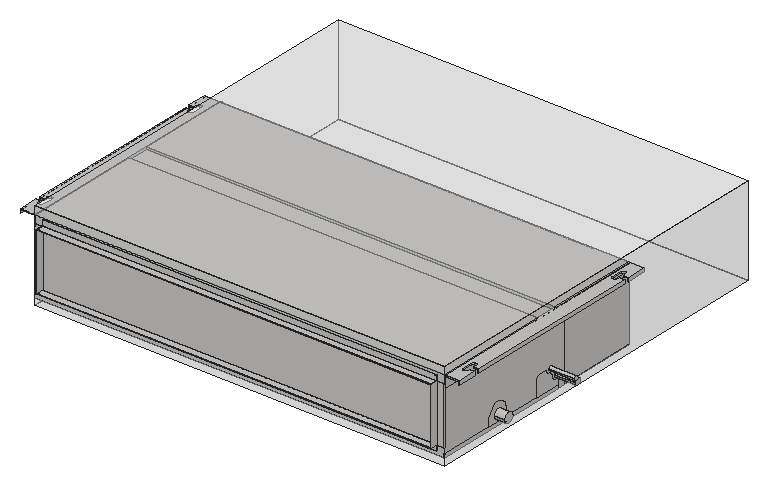
Revit family "outputfile", category 機械設備, Revit 2024
Family settings
  丸型コネクタ寸法 = 半径を使用
  パーツ タイプ = 標準
  OmniClass 番号 = 23.75.10.24.21.27.27
  OmniClass タイトル = Split System Air Conditioning Units
  作業面ベース = いいえ
  常に垂直 = はい
  ロード時にボイドで切り取り = いいえ
  注釈の向きを維持 = いいえ
  共有 = いいえ
  部屋計算ポイント = はい
Parameters (values of type "FDLF71DV14")
  Description = ""
  書き出し IFC クラス(タイプ) = "IfcUnitaryEquipmentType"
  定義済み IFC タイプ(タイプ) = "AIRCONDITIONINGUNIT"
  Cost = 0
  Type Comments = ""
  Keynote = ""
  Type Image = (empty or 0)
  Assembly Code = ""
  switch_frequency = yes
  ld_powersupply = Depth / 2  # 310 mm
  connector_voltage = Voltage_50Hz  # 230 V
  connector_powerinput = [Power Input (Cooling)]  # 0.000 kW
  connector_phase = Phase_50Hz  # 1
  angle_liquidpipe [instance] = if(Right Connection_refrigerant, 90.00°, 270.00°)  # 90.00°
  angle_gaspipe [instance] = if(Right Connection_refrigerant, 90.00°, 270.00°)  # 90.00°
  angle_drainpipe [instance] = if(Right Connection_refrigerant, 90.00°, 270.00°)  # 90.00°
  URL = ""
  Right Connection_refrigerant [instance] = yes
  製造元 = "Daikin"
  モデル = "FDLF71DV14"
  r_Liquid Pipe Size = Liquid Pipe Size / 2  # 4.75 mm
  r_Gas Pipe Size = Gas Pipe Size / 2  # 7.95 mm
  r_Drain Pipe Size = Drain Pipe Size / 2  # 12.5 mm
  lw_powersupply = 50 mm  # constant formula
  lw_ductflange2 = 1003 mm
  lw_Width = 1060 mm
  lh_suctionflange [instance] = 100 mm  # constant formula
  ld_suctionflange [instance] = if(Rear Connection_Return Air, 190.25 mm, 100.25 mm)  # 190.25 mm
  angle_vertical_RA [instance] = if(Rear Connection_Return Air, 90.00°, 0.00°)  # 90.00°
  angle horizontal_RA [instance] = if(Rear Connection_Return Air, 180.00°, 270.00°)  # 180.00°
  Voltage_comment_50Hz = "220 - 240"
  Voltage_50Hz = 230 V
  Supply Air Direction [instance] = yes
  Sound Power Level_H speed (dB) = 0
  Rear Connection_Return Air [instance] = not(Bottom Connection_Return Air)  # yes
  RA_length [instance] = if(Rear Connection_Return Air, 190.25 mm, 100 mm)  # 190.25 mm
  Phase_50Hz = 1
  Minimum External Static Pressure = 15.00 Pa
  Minimum Circuit Amps_50Hz = 0.0 A
  Maximum Fuse Amps_50Hz = 0.0 A
  Maximum External Static Pressure = 38.00 Pa
  Material_Casing = DAIKIN_GalvanizedSteel_Casing_indoorunit
  lw_liquidpipe = 621 mm
  lw_gaspipe = 608 mm
  lw_mountinghole = 1140 mm
  lw_drainpipe = 580 mm
  lh_powersupply = 150 mm  # constant formula
  lh_liquidpipe = 138 mm  # constant formula
  lh_gaspipe = 160 mm  # constant formula
  lh_mountinghole = Height  # 200 mm
  lh_drainpipe = 170 mm  # constant formula
  lh_antena = 1 mm  # constant formula
  ld_liquidpipe = 353 mm  # constant formula
  ld_gaspipe = 375 mm  # constant formula
  ld_mountinghole = 500 mm  # constant formula
  ld_drainpipe = 178 mm  # constant formula
  ld_controlbox = 626 mm  # constant formula
  h*** = 0 mm  # constant formula
  d_dischargeflange = 21.2 mm  # constant formula
  Width = 1100 mm
  Version = "ver.1.0"
  Unit Type = "L.S.P. Duct for Living room"
  Unit Mass Weight = 31.00 kg
  Unit Designation [instance] = ""
  Uniclass2015Version = "Products v1.30"
  Uniclass2015Title = "Split coil room air conditioning units"
  Uniclass2015Code = "Pr_70_65_03_86"
  Total Cooling Capacity [instance] = 0.000 kW
  Sound Pressure Level_M speed (dBA) = 37
  Sound Pressure Level_L speed (dBA) = 34
  Sound Pressure Level_H speed (dBA) = 40
  Series = "SkyAir_Fan Coil Unit"
  Sensible Cooling Capacity [instance] = 0.000 kW
  SA Duct Size Width = 1060 mm
  SA Duct Size Height = 153 mm
  Refrigerant Type = "R32"
  RA Duct Size Width = 961 mm
  RA Duct Size Height = 160 mm
  Power Input (Cooling) = 0.000 kW
  Option Accessory 3 [instance] = ""
  Option Accessory 2 [instance] = ""
  Option Accessory 1 [instance] = ""
  Nominal Cooling Capacity = 7.100 kW
  Minimum Airflow = 990.00 m³/h
  Median Airflow = 1080.00 m³/h
  Maximum Airflow = 1200.00 m³/h
  Load Classification = HVAC
  Liquid Pipe Size = 9.5 mm
  Link_Nested Family [instance] = ""
  Left Connection_refrigerant [instance] = not(Right Connection_refrigerant)  # no
  IfcVersion = ""
  IfcExportType = "AIRCONDITIONINGUNIT"
  IfcExportAs = "IfcUnitaryEquipmentType"
  Height = 200 mm
  Heat Exchanger Type = "Cross Fin Coil"
  Gas Pipe Size = 15.9 mm
  Frequency_50Hz = 50 Hz
  Fan Type = "Sirocco Fan"
  Fan Drive = "Direct Drive"
  FCU Tag No. [instance] = ""
  Drain Pipe Size = 25.0 mm
  Design Supply Airflow [instance] = 0.00 m³/h
  Design Return Airflow [instance] = 0.00 m³/h
  Design External Static Pressure [instance] = 0.00 Pa
  Depth = 620 mm
  既定の高さ = 0 mm
  Cooling Entering Wet Bulb Temperature [instance] = 0.00 °C
  Cooling Entering Dry Bulb Temperature [instance] = 0.00 °C
  Cooling Ambient Wet Bulb Temperature [instance] = 0.00 °C
  Cooling Ambient Dry Bulb Temperature [instance] = 0.00 °C
  Clearance visibility [instance] = yes
  Clearance Top = 20 mm
  Clearance Right = 0 mm
  Clearance Rear = 400 mm
  Clearance Left = 0 mm
  Clearance Front = 0 mm
  Clearance Bottom = 20 mm
  Bottom Connection_Return Air [instance] = no
Reference planes
  plane 1 "Center (Front/Back)": y = 0
  plane 2: z = 0
  plane 3 "Center (Left/Right)": x = 0
  plane 4 "Back": y = 310
  plane 5 "Front": y = -310
  plane 6 "Left": x = -550
  plane 7 "Right": x = 550
  plane 8 "Top": z = 0
  plane 9 "Bottom": z = -200
  plane 10: x = -570
  plane 11: x = 570
  plane 12: y = 250
  plane 13: z = 0
  plane 14 "Clearance Left": x = -550
  plane 15 "Clearance Right": x = 550
  plane 16 "Clearance Rear": y = 710
  plane 17 "Clearance Front": y = -310
  plane 18 "Clearance Top": z = 20
  plane 19 "Clearance Bottom": z = -220
  plane 20: y = -250
  plane 21: z = -21
  plane 22: z = -97.5
  plane 23: x = -48.5
  plane 24: y = 119.75
  plane 25: z = -100
  plane 26: y = 65
  plane 27: z = -160
  plane 28: y = 43
  plane 29: z = -138
  plane 30: y = -132
  plane 31: z = -170
  plane 32: x = 608
  plane 33: x = 621
  plane 34: x = 580
  plane 35: x = 500
  plane 36: z = -150
  plane 37: x = -580
  plane 38: x = -621
  plane 39: x = -608
Forms (mm)
  Extrusion 1, solid, material "DAIKIN_GalvanizedSteel_Casing_indoorunit" <- "Material_Casing"
    sketch origin (0, 0, 0) x (1, 0, 0) y (0, 1, 0)
      loop
        line (-550, -310) -> (550, -310) -> (550, 310) -> (-550, 310) -> (-550, -310)
    from -200 to 0
  Extrusion 2, void
    sketch origin (0, 0, 1) x (1, 0, 0) y (0, 1, 0)
      loop
        line (-550, 61.5) -> (-550, 3.5) -> (550, 3.5) -> (550, 61.5) -> (-550, 61.5)
    from -1 to -7
  Extrusion 3, solid, material "DAIKIN_GalvanizedSteel_Casing_indoorunit" <- "Material_Casing", visible <- "Bottom Connection_Return Air"
    sketch origin (0, 0, 0) x (1, 0, 0) y (0, 0, 1)
      loop
        line (452, -199.25) -> (452, -0.75) -> (-549, -0.75) -> (-549, -199.25) -> (452, -199.25)
    from -310 to -309
  Extrusion 4, solid, material "DAIKIN_GalvanizedSteel_Casing_indoorunit" <- "Material_Casing", visible <- "Rear Connection_Return Air"
    sketch origin (0, 0, 0) x (1, 0, 0) y (0, 1, 0)
      loop
        line (-549, 309) -> (-549, 110.5) -> (452, 110.5) -> (452, 309) -> (-549, 309)
    from -200 to -199
  Extrusion 5, solid, material "DAIKIN_GalvanizedSteel_Casing_indoorunit" <- "Material_Casing", visible <- "Right Connection_refrigerant"
    sketch origin (550, 0, 0) x (0, 1, 0) y (0, 0, 1)
      loop
        circle (65, -160) r 7.95
    from 0 to 58
  Extrusion 6, solid, material "DAIKIN_GalvanizedSteel_Casing_indoorunit" <- "Material_Casing", visible <- "Right Connection_refrigerant"
    sketch origin (550, 0, 0) x (0, 1, 0) y (0, 0, 1)
      loop
        circle (43, -138) r 4.75
    from 0 to 71
  Extrusion 7, solid, material "DAIKIN_GalvanizedSteel_Casing_indoorunit" <- "Material_Casing", visible <- "Right Connection_refrigerant"
    sketch origin (550, 0, 0) x (0, 1, 0) y (0, 0, 1)
      loop
        line (-310, -200) -> (70, -200) -> (70, -190) -> (-310, -190) -> (-310, -200)
    from 0 to -1
  Extrusion 8, solid, material "DAIKIN_GalvanizedSteel_Casing_indoorunit" <- "Material_Casing", visible <- "Right Connection_refrigerant"
    sketch origin (550, 0, 0) x (0, 1, 0) y (0, 0, 1)
      loop
        arc (96, -27.5) -> (93.879, -28.379) -> (93, -30.5) r 3
        line (93, -30.5) -> (93, -194.5)
        arc (93, -194.5) -> (93.879, -196.621) -> (96, -197.5) r 3
        line (96, -197.5) -> (310, -197.5) -> (310, -27.5) -> (96, -27.5)
    from 0 to -1
  Extrusion 9, solid, material "DAIKIN_GalvanizedSteel_Casing_indoorunit" <- "Material_Casing", visible <- "Right Connection_refrigerant"
    sketch origin (550, 0, 0) x (0, 1, 0) y (0, 0, 1)
      loop
        arc (-104, -170) -> (-132, -142) -> (-160, -170) r 28
        line (-160, -170) -> (-160, -190) -> (-104, -190) -> (-104, -170)
    from 0 to -1
  Extrusion 10, solid, material "DAIKIN_GalvanizedSteel_Casing_indoorunit" <- "Material_Casing", visible <- "Right Connection_refrigerant"
    sketch origin (550, 0, 0) x (0, 1, 0) y (0, 0, 1)
      loop
        line (70, -190) -> (70, -174.671)
        arc (70, -174.671) -> (54.678, -171.563) -> (49.857, -156.691) r 15.5
        line (49.857, -156.691) -> (43.472, -150.991)
        arc (43.472, -150.991) -> (34.343, -147.698) -> (30.039, -139) r 13
        line (30.039, -139) -> (2, -139)
        arc (2, -139) -> (-0.121, -139.879) -> (-1, -142) r 3
        line (-1, -142) -> (-1, -190) -> (70, -190)
    from 0 to -1
  Extrusion 11, solid, material "DAIKIN_GalvanizedSteel_Casing_indoorunit" <- "Material_Casing", visible <- "Left Connection_refrigerant"
    sketch origin (-550, 0, 0) x (0, 1, 0) y (0, 0, 1)
      loop
        line (-310, -200) -> (70, -200) -> (70, -190) -> (-310, -190) -> (-310, -200)
    from 0 to -1
  Extrusion 12, solid, material "DAIKIN_GalvanizedSteel_Casing_indoorunit" <- "Material_Casing", visible <- "Left Connection_refrigerant"
    sketch origin (-550, 0, 0) x (0, 1, 0) y (0, 0, 1)
      loop
        arc (96, -27.5) -> (93.879, -28.379) -> (93, -30.5) r 3
        line (93, -30.5) -> (93, -194.5)
        arc (93, -194.5) -> (93.879, -196.621) -> (96, -197.5) r 3
        line (96, -197.5) -> (310, -197.5) -> (310, -27.5) -> (96, -27.5)
    from 0 to -1
  Extrusion 13, solid, material "DAIKIN_GalvanizedSteel_Casing_indoorunit" <- "Material_Casing", visible <- "Left Connection_refrigerant"
    sketch origin (-550, 0, 0) x (0, 1, 0) y (0, 0, 1)
      loop
        arc (-104, -170) -> (-132, -142) -> (-160, -170) r 28
        line (-160, -170) -> (-160, -190) -> (-104, -190) -> (-104, -170)
    from 0 to -1
  Extrusion 14, solid, material "DAIKIN_GalvanizedSteel_Casing_indoorunit" <- "Material_Casing", visible <- "Left Connection_refrigerant"
    sketch origin (-550, 0, 0) x (0, 1, 0) y (0, 0, 1)
      loop
        line (70, -190) -> (70, -174.671)
        arc (70, -174.671) -> (54.678, -171.563) -> (49.857, -156.691) r 15.5
        line (49.857, -156.691) -> (43.472, -150.991)
        arc (43.472, -150.991) -> (34.343, -147.698) -> (30.039, -139) r 13
        line (30.039, -139) -> (2, -139)
        arc (2, -139) -> (-0.121, -139.879) -> (-1, -142) r 3
        line (-1, -142) -> (-1, -190) -> (70, -190)
    from 0 to -1
  Extrusion 15, solid, material "DAIKIN_GalvanizedSteel_Casing_indoorunit" <- "Material_Casing", visible <- "Left Connection_refrigerant"
    sketch origin (-550, 0, 0) x (0, 1, 0) y (0, 0, 1)
      loop
        circle (43, -138) r 4.75
    from -71 to 0
  Extrusion 16, solid, material "DAIKIN_GalvanizedSteel_Casing_indoorunit" <- "Material_Casing", visible <- "Left Connection_refrigerant"
    sketch origin (-550, 0, 0) x (0, 1, 0) y (0, 0, 1)
      loop
        circle (65, -160) r 7.95
    from -58 to 0
  Extrusion 17, solid, material "DAIKIN_GalvanizedSteel_Casing_indoorunit" <- "Material_Casing", visible <- "Left Connection_refrigerant"
    sketch origin (-550, 0, 0) x (0, 1, 0) y (0, 0, 1)
      loop
        circle (-132, -170) r 12.5
    from -30 to 0
  Extrusion 18, solid, material "DAIKIN_GalvanizedSteel_Casing_indoorunit" <- "Material_Casing", visible <- "Right Connection_refrigerant"
    sketch origin (550, 0, 0) x (0, 1, 0) y (0, 0, 1)
      loop
        circle (-132, -170) r 12.5
    from 0 to 30
Cuts and joins
  Extrusion 2 cuts Extrusion 1
Dimensions and locks
  "Height": plane 8 "Top" to plane 9 "Bottom"
  equal spacing: plane 10, plane 3 "Center (Left/Right)", plane 11
  "lw_mountinghole": plane 10 to plane 11
  equal spacing: plane 6 "Left", plane 3 "Center (Left/Right)", plane 7 "Right"
  "Width": plane 6 "Left" to plane 7 "Right"
  "Clearance Right": plane 7 "Right" to plane 15 "Clearance Right"
  "Clearance Left": plane 14 "Clearance Left" to plane 6 "Left"
  "Clearance Rear": plane 16 "Clearance Rear" to plane 4 "Back"
  "Clearance Front": plane 5 "Front" to plane 17 "Clearance Front"
  "Clearance Top": plane 18 "Clearance Top" to plane 8 "Top"
  "Clearance Bottom": plane 9 "Bottom" to plane 19 "Clearance Bottom"
  "Depth": plane 4 "Back" to plane 5 "Front"
  equal spacing: plane 4 "Back", plane 1 "Center (Front/Back)", plane 5 "Front"
  Extrusion 3 sketch curve to Extrusion 3 sketch curve = 198.5 mm
  locked: plane 20 to plane 5 "Front" at 60
  "ld_mountinghole": plane 12 to plane 20
  locked: plane 8 "Top" to plane 21 at 21
  locked: plane 23 to plane 3 "Center (Left/Right)" at 48.5
  "ld_suctionflange": plane 4 "Back" to plane 24
  "lh_suctionflange": plane 8 "Top" to plane 25
  "ld_gaspipe": plane 26 to plane 5 "Front"
  "lh_gaspipe": plane 8 "Top" to plane 27
  "ld_liquidpipe": plane 28 to plane 5 "Front"
  "lh_liquidpipe": plane 8 "Top" to plane 29
  "ld_drainpipe": plane 30 to plane 5 "Front"
  "lh_drainpipe": plane 8 "Top" to plane 31
  "lw_powersupply": plane 35 to plane 7 "Right"
  "lh_powersupply": plane 8 "Top" to plane 36
  "lw_gaspipe": plane 3 "Center (Left/Right)" to plane 32
  "lw_liquidpipe": plane 3 "Center (Left/Right)" to plane 33
  "lw_drainpipe": plane 3 "Center (Left/Right)" to plane 34
  "lw_liquidpipe": plane 38 to plane 3 "Center (Left/Right)"
  "lw_gaspipe": plane 39 to plane 3 "Center (Left/Right)"
  "lw_drainpipe": plane 37 to plane 3 "Center (Left/Right)"
  "r_Gas Pipe Size": radius of Extrusion 5 sketch curve
  "r_Liquid Pipe Size": radius of Extrusion 6 sketch curve
  "r_Liquid Pipe Size": radius of Extrusion 15 sketch curve
  "r_Gas Pipe Size": radius of Extrusion 16 sketch curve
  "r_Drain Pipe Size": radius of Extrusion 17 sketch curve
  "r_Drain Pipe Size": radius of Extrusion 18 sketch curve
  aligned and locked: level to plane 2
  aligned and locked: Extrusion 1 to plane 9 "Bottom"
  aligned and locked: plane 8 "Top" to Extrusion 1
  aligned and locked: plane 11 to nested 2
  aligned and locked: plane 10 to nested 3
  aligned and locked: plane 10 to nested 4
  aligned and locked: plane 8 "Top" to Extrusion 2
  aligned and locked: plane 9 "Bottom" to Extrusion 4  (x2)
  aligned and locked: plane 7 "Right" to cut or joined group of Extrusion 1, Extrusion 2  (x2)
  aligned and locked: plane 3 "Center (Left/Right)" to nested 9
  aligned and locked: plane 6 "Left" to nested 7
  aligned and locked: plane 8 "Top" to nested 9
  aligned and locked: plane 11 to nested 1
  aligned and locked: nested 6 to plane 1 "Center (Front/Back)"
  aligned and locked: plane 3 "Center (Left/Right)" to nested 6
  aligned and locked: level to plane 8 "Top"
  aligned and locked: plane 1 "Center (Front/Back)" to nested 9
  aligned and locked: plane 5 "Front" to nested 10
  aligned and locked: Extrusion 1 sketch curve to plane 5 "Front"
  aligned and locked: plane 21 to nested 10
  aligned and locked: nested 5 to plane 5 "Front"
  aligned and locked: plane 3 "Center (Left/Right)" to nested 5
  aligned and locked: plane 22 to nested 5
  aligned and locked: Extrusion 2 sketch curve to plane 6 "Left"
  aligned and locked: plane 7 "Right" to Extrusion 2 sketch curve
  aligned and locked: nested 11 to plane 23
  aligned and locked: nested 11 to plane 24
  aligned and locked: plane 27 to Extrusion 5 sketch curve
  aligned and locked: plane 26 to Extrusion 5 sketch curve
  aligned and locked: plane 28 to Extrusion 6 sketch curve
  aligned and locked: plane 29 to Extrusion 6 sketch curve
  aligned and locked: plane 32 to Extrusion 5
  aligned and locked: plane 33 to Extrusion 6
  aligned and locked: Extrusion 7 sketch curve to plane 9 "Bottom"
  aligned and locked: Extrusion 7 sketch curve to plane 5 "Front"
  aligned and locked: plane 14 "Clearance Left" to nested 12
  aligned and locked: plane 15 "Clearance Right" to nested 12
  aligned and locked: plane 16 "Clearance Rear" to nested 12
  aligned and locked: nested 12 to plane 17 "Clearance Front"
  aligned and locked: nested 12 to plane 18 "Clearance Top"
  aligned and locked: nested 12 to plane 19 "Clearance Bottom"
  aligned and locked: nested 13 to plane 35
  aligned and locked: nested 13 to plane 36
  aligned and locked: plane 4 "Back" to nested 13
  aligned and locked: nested 14 to plane 26
  aligned and locked: plane 3 "Center (Left/Right)" to nested 14
  aligned and locked: nested 14 to plane 27
  aligned and locked: nested 15 to plane 28
  aligned and locked: plane 3 "Center (Left/Right)" to nested 15
  aligned and locked: nested 15 to plane 29
  aligned and locked: nested 16 to plane 30
  aligned and locked: plane 3 "Center (Left/Right)" to nested 16
  aligned and locked: nested 16 to plane 31
  aligned and locked: plane 29 to Extrusion 15 sketch curve
  aligned and locked: plane 28 to Extrusion 15 sketch curve
  aligned and locked: Extrusion 15 to plane 38
  aligned and locked: plane 6 "Left" to Extrusion 15
  aligned and locked: plane 26 to Extrusion 16 sketch curve
  aligned and locked: plane 27 to Extrusion 16 sketch curve
  aligned and locked: Extrusion 16 to plane 39
  aligned and locked: plane 6 "Left" to Extrusion 16
  aligned and locked: plane 30 to Extrusion 17 sketch curve
  aligned and locked: Extrusion 17 to plane 37
  aligned and locked: plane 6 "Left" to Extrusion 17
  aligned and locked: Extrusion 5 to plane 7 "Right"
  aligned and locked: Extrusion 6 to plane 7 "Right"
  aligned and locked: plane 30 to Extrusion 18 sketch curve
  aligned and locked: plane 31 to Extrusion 18 sketch curve
  aligned and locked: plane 34 to Extrusion 18
  aligned and locked: Extrusion 18 to plane 7 "Right"
Automatic sketch dimensions
  Extrusion 1 sketch curve to plane 4 "Back" = 0 mm
  Extrusion 1 sketch curve to plane 6 "Left" = 0 mm
  Extrusion 1 sketch curve to plane 7 "Right" = 0 mm
  Extrusion 2 sketch curve to plane 1 "Center (Front/Back)" = 3.5 mm
  Extrusion 2 sketch curve to plane 26 = 3.5 mm
  plane 9 "Bottom" to Extrusion 3 sketch curve = 0.75 mm
  plane 6 "Left" to Extrusion 3 sketch curve = 1 mm
  Extrusion 3 sketch curve to plane 35 = 48 mm
  Extrusion 4 sketch curve to plane 4 "Back" = 1 mm
  plane 6 "Left" to Extrusion 4 sketch curve = 1 mm
  Extrusion 4 sketch curve to plane 35 = 48 mm
  Extrusion 4 sketch curve to plane 24 = 9.25 mm
  plane 26 to Extrusion 7 sketch curve = 5 mm
  Extrusion 7 sketch curve to Extrusion 7 sketch curve = 10 mm
  Extrusion 8 sketch curve to plane 21 = 9.5 mm
  Extrusion 8 sketch curve to plane 24 = 23.75 mm  (x2)
  plane 9 "Bottom" to Extrusion 8 sketch curve = 5.5 mm
  Extrusion 8 sketch curve to Extrusion 8 sketch curve = 3 mm
  Extrusion 9 sketch curve to plane 31 = 0 mm
  Extrusion 9 sketch curve to plane 30 = 0 mm
  plane 9 "Bottom" to Extrusion 9 sketch curve = 10 mm
  Extrusion 9 sketch curve to plane 30 = 28 mm
  Extrusion 10 sketch curve to plane 28 = 0 mm
  Extrusion 10 sketch curve to plane 26 = 0 mm
  Extrusion 10 sketch curve to plane 27 = 0 mm
  Extrusion 10 sketch curve to plane 29 = 0 mm
  Extrusion 10 sketch curve to plane 29 = 1 mm
  Extrusion 10 sketch curve to plane 28 = 12.961 mm
  Extrusion 10 sketch curve to plane 1 "Center (Front/Back)" = 2 mm
  plane 1 "Center (Front/Back)" to Extrusion 10 sketch curve = 1 mm
  plane 28 to Extrusion 10 sketch curve = 0.472 mm
  plane 27 to Extrusion 10 sketch curve = 3.309 mm
  plane 28 to Extrusion 10 sketch curve = 6.857 mm
  plane 26 to Extrusion 10 sketch curve = 5 mm
  plane 9 "Bottom" to Extrusion 10 sketch curve = 10 mm
  Extrusion 8 sketch curve to plane 4 "Back" = 0 mm
  Extrusion 17 sketch curve to plane 31 = 0 mm
  Extrusion 12 sketch curve to plane 4 "Back" = 0 mm
  plane 9 "Bottom" to Extrusion 12 sketch curve = 5.5 mm
  Extrusion 12 sketch curve to plane 24 = 23.75 mm  (x2)
  Extrusion 12 sketch curve to plane 21 = 6.5 mm
  Extrusion 12 sketch curve to Extrusion 12 sketch curve = 3 mm
  Extrusion 14 sketch curve to plane 28 = 0 mm
  Extrusion 14 sketch curve to plane 26 = 0 mm
  Extrusion 14 sketch curve to plane 27 = 0 mm
  Extrusion 14 sketch curve to plane 29 = 0 mm
  Extrusion 14 sketch curve to plane 29 = 1 mm
  Extrusion 14 sketch curve to plane 28 = 12.961 mm
  Extrusion 14 sketch curve to plane 1 "Center (Front/Back)" = 2 mm
  plane 1 "Center (Front/Back)" to Extrusion 14 sketch curve = 1 mm
  plane 28 to Extrusion 14 sketch curve = 0.472 mm
  plane 27 to Extrusion 14 sketch curve = 3.309 mm
  plane 28 to Extrusion 14 sketch curve = 6.857 mm
  plane 26 to Extrusion 14 sketch curve = 5 mm
  plane 9 "Bottom" to Extrusion 14 sketch curve = 10 mm
  Extrusion 11 sketch curve to plane 5 "Front" = 0 mm
  Extrusion 11 sketch curve to plane 9 "Bottom" = 0 mm
  plane 26 to Extrusion 11 sketch curve = 5 mm
  Extrusion 11 sketch curve to Extrusion 11 sketch curve = 10 mm
  Extrusion 13 sketch curve to plane 31 = 0 mm
  Extrusion 13 sketch curve to plane 30 = 0 mm
  plane 9 "Bottom" to Extrusion 13 sketch curve = 10 mm
  Extrusion 13 sketch curve to plane 30 = 28 mm
Nested families
  nested 1: "daikin_mountinghole" at (570, 250, -200), l_antenna <- "lh_antena", Link_Nested Family <- "Link_Nested Family", h_mountinghole <- "lh_mountinghole", type "daikin_mountinghole"
    with show yes, l_antenna 1 mm, h_mountinghole 200 mm, Link_Nested Family ""
  nested 2: "daikin_mountinghole" at (570, -250, -200), Link_Nested Family <- "Link_Nested Family", l_antenna <- "lh_antena", h_mountinghole <- "lh_mountinghole", type "daikin_mountinghole"
    with show yes, l_antenna 1 mm, h_mountinghole 200 mm, Link_Nested Family ""
  nested 3: "daikin_mountinghole" at (-570, -250, -200), l_antenna <- "lh_antena", Link_Nested Family <- "Link_Nested Family", h_mountinghole <- "lh_mountinghole", type "daikin_mountinghole"
    with show yes, l_antenna 1 mm, h_mountinghole 200 mm, Link_Nested Family ""
  nested 4: "daikin_mountinghole" at (-570, 250, -200), l_antenna <- "lh_antena", Link_Nested Family <- "Link_Nested Family", h_mountinghole <- "lh_mountinghole", type "daikin_mountinghole"
    with show yes, l_antenna 1 mm, h_mountinghole 200 mm, Link_Nested Family ""
  nested 5: "daikin_connector_rotate2" at (0, -310, -97.5), length <- "d_dischargeflange", type "daikin_connector_rotate2"
    with radius 10 mm, length 21.2 mm, angle_vertical 90.00°, show_face no
  nested 6: "daikin_△_symbolicline" at (-75, -129.904, 200) x (-0.5, 0.866, 0) z (0, 0, 1), built-in parameter 1001364 <- "Height", visible <- "Supply Air Direction", type "daikin_△_symbolicline"
    with length 300 mm
  nested 7: "daikin_ductflange_FDLF-DV14_1" at (-48.5, 310, -100), visible <- "Rear Connection_Return Air", material <- "Material_Casing", width <- "lw_ductflange2", type "daikin_ductflange_FDLF-DV14_1"
    with width 1003 mm, material DAIKIN_GalvanizedSteel_Casing_indoorunit, height 180 mm, depth 21.2 mm
  nested 8: "daikin_ductflange_FDLF-DV14_1" at (-48.5, 209.75, -200) x (1, 0, 0) z (0, 1, 0), visible <- "Bottom Connection_Return Air", material <- "Material_Casing", width <- "lw_ductflange2", type "daikin_ductflange_FDLF-DV14_1"
    with width 1003 mm, material DAIKIN_GalvanizedSteel_Casing_indoorunit, height 180 mm, depth 21.2 mm
  nested 9: "daikin_hangerfixture_FDLF-DV14" at (0, 0, 0), type "daikin_hangerfixture_FDLF-DV14"
    with width 1100 mm
  nested 10: "daikin_ductflange_FDLF-DV14" at (0, 3.5, -364.201), width <- "lw_Width", material <- "Material_Casing", type "daikin_ductflange_FDLF-DV14"
    with width 1060 mm, material DAIKIN_GalvanizedSteel_Casing_indoorunit, height 155 mm, depth 21.2 mm
  nested 11: "daikin_connector_rotate3" at (-48.5, 119.75, -100), length <- "RA_length", angle_vertical <- "angle_vertical_RA", angle_horizontal <- "angle horizontal_RA", type "daikin_connector_rotate3"
    with show no, radius 10 mm, length 190.25 mm, angle_vertical 90.00°, angle_horizontal 180.00°
  nested 12: "daikin_clearancespace" at (0, 200, -99.881), visible <- "Clearance visibility", Link_Nested Family <- "Link_Nested Family", show <- "Clearance visibility", type "daikin_clearancespace"
    with width 1100 mm, show yes, height 240 mm, depth 1020 mm, Link_Nested Family ""
  nested 13: "daikin_connector_rotate2" at (500, 0, -150) x (-1, 0, 0) z (0, 0, 1), length <- "ld_powersupply", type "daikin_connector_rotate2"
    with radius 10 mm, length 310 mm, angle_vertical 90.00°, show_face no
  nested 14: "daikin_connector_rotate3" at (0, 65, -160), angle_vertical <- "angle_gaspipe", radius <- "r_Gas Pipe Size", length <- "lw_gaspipe", type "daikin_connector_rotate3"
    with show no, radius 7.95 mm, length 608 mm, angle_vertical 90.00°, angle_horizontal 90.00°
  nested 15: "daikin_connector_rotate3" at (0, 43, -138), angle_vertical <- "angle_liquidpipe", length <- "lw_liquidpipe", radius <- "r_Liquid Pipe Size", type "daikin_connector_rotate3"
    with show no, radius 4.75 mm, length 621 mm, angle_vertical 90.00°, angle_horizontal 90.00°
  nested 16: "daikin_connector_rotate3" at (0, -132, -170), angle_vertical <- "angle_drainpipe", length <- "lw_drainpipe", radius <- "r_Drain Pipe Size", type "daikin_connector_rotate3"
    with show no, radius 12.5 mm, length 580 mm, angle_vertical 90.00°, angle_horizontal 90.00°
Connectors
  hvac at (0, -331.2, -97.5), driven by "SA Duct Size Height", driven by "SA Duct Size Width"
    settings: on nested 5, index 1, duct flow 0.00 m³/h, flow factor 0, pres drop 0.00 Pa, loss coef 0, conn angle 0.00°, conn width 1060.0 mm, conn height 153.0 mm, conn diameter 609.6 mm, duct sys type 1, conn prof type 1, flow config 0, flow direction 2, loss method 4, conn ref index -1, conn util no, is conn primary yes, conn desc "SA Duct"
  hvac at (-48.5, 310, -100), driven by "RA Duct Size Height", driven by "RA Duct Size Width"
    settings: on nested 11, index 2, duct flow 0.00 m³/h, flow factor 0, pres drop 0.00 Pa, loss coef 0, conn angle 0.00°, conn width 961.0 mm, conn height 160.0 mm, conn diameter 609.6 mm, duct sys type 2, conn prof type 1, flow config 0, flow direction 1, loss method 4, conn ref index -1, conn util no, is conn primary no, conn desc "RA Duct"
  electrical at (500, 310, -150), driven by "Load Classification", driven by "connector_powerinput", driven by "connector_voltage", driven by "connector_phase"
    settings: on nested 13, index 6, voltage 230 V, apparent load 0 VA, apparent load phase1 0 VA, apparent load phase2 0 VA, apparent load phase3 0 VA, power factor 1, load classification "HVAC", number of poles 1, system type 30, power factor state 1, is connector primary yes, connector utility no, sub classification motor no, connector description "Power Supply"
  piping at (608, 65, -160), diameter 15.9, driven by "r_Gas Pipe Size"
    settings: on nested 14, index 7, connector inside diameter 609.6 mm, connector length 0 mm, flow factor 0, pipe flow 0.00 m³/h, pressure drop 0.0 Pa, fitting loss kfactor 0, connector angle 0.00°, fixture units 0, engagement length 0 mm, angle of deflection 0.00°, flow configuration 1, flow direction 2, fitting loss method 0, system type 29, joint type 0, gender type 0, connector reference index -1, connector utility 0, adjustable connector no, is connector primary yes, connector description "Refrigerant Gas Piping"
  piping at (621, 43, -138), diameter 9.5, driven by "r_Liquid Pipe Size"
    settings: on nested 15, index 8, connector inside diameter 609.6 mm, connector length 0 mm, flow factor 0, pipe flow 0.00 m³/h, pressure drop 0.0 Pa, fitting loss kfactor 0, connector angle 0.00°, fixture units 0, engagement length 0 mm, angle of deflection 0.00°, flow configuration 1, flow direction 1, fitting loss method 0, system type 29, joint type 0, gender type 0, connector reference index -1, connector utility 0, adjustable connector no, is connector primary no, connector description "Refrigerant Liquid Piping"
  piping at (580, -132, -170), diameter 25, driven by "r_Drain Pipe Size"
    settings: on nested 16, index 9, connector inside diameter 609.6 mm, connector length 0 mm, flow factor 0, pipe flow 0.00 m³/h, pressure drop 0.0 Pa, fitting loss kfactor 0, connector angle 0.00°, fixture units 0, engagement length 0 mm, angle of deflection 0.00°, flow configuration 1, flow direction 2, fitting loss method 4, system type 16, joint type 0, gender type 0, connector reference index -1, connector utility 0, adjustable connector no, is connector primary no, connector description "Condensate Drain Piping"
Definition of nested family "daikin_ductflange_FDLF-DV14_1"
  Parameters (values of type "daikin_ductflange_FDLF-DV14_1")
    width [instance] = 620 mm
    material [instance] = none
    height [instance] = 180 mm
    depth [instance] = 21.2 mm
    Default Elevation = 0 mm
  Reference planes
    plane 1 "Center (Front/Back)": y = 0
    plane 2: z = 0
    plane 3 "Center (Left/Right)": x = 0
    plane 4: x = -310
    plane 5: x = 310
    plane 6: z = 100.25
    plane 7: z = -100.25
    plane 8: x = -309
    plane 9: x = 309
  Forms (mm)
    Extrusion 1, solid, material <- "material"
      sketch origin (0, 0, 0) x (1, 0, 0) y (0, 0, 1)
        loop
          line (-289, 80) -> (-289, -80) -> (289, -80) -> (289, 80) -> (-289, 80)
        loop
          line (-309, -99.25) -> (309, -99.25) -> (309, 99.25) -> (-309, 99.25) -> (-309, -99.25)
      from 0 to 1
  Dimensions and locks
    equal spacing: plane 5, plane 3 "Center (Left/Right)", plane 4, locked at 310 each
    "width": plane 5 to plane 4
    plane 8 to plane 4 = 1 mm
    locked: plane 5 to plane 9 at 1
    locked: Extrusion 1 sketch curve to Extrusion 1 sketch curve at 20  (x2)
    plane 6 to Extrusion 1 sketch curve = 1 mm
    locked: Extrusion 1 sketch curve to plane 7 at 1
    aligned and locked: level to plane 2
  Automatic sketch dimensions
    plane 4 to Extrusion 1 sketch curve = 1 mm
    Extrusion 1 sketch curve to plane 5 = 1 mm
    Extrusion 1 sketch curve to plane 6 = 20.25 mm
    plane 7 to Extrusion 1 sketch curve = 20.25 mm
Definition of nested family "daikin_hangerfixture_FDLF-DV14"
  Parameters (values of type "daikin_hangerfixture_FDLF-DV1")
    width = 900 mm
    material = none
    height = 30 mm
    depth = 620 mm
    Default Elevation = 0 mm
  Reference planes
    plane 1 "Center (Front/Back)": y = 0
    plane 2: z = 0
    plane 3 "Center (Left/Right)": x = 0
    plane 4: x = 450
    plane 5: y = 310
    plane 6: y = -310
    plane 7: x = -450
    plane 8: z = -30
  Forms (mm)
    Extrusion 1, solid, material <- "material"
      sketch origin (0, 0, 0) x (1, 0, 0) y (0, 0, 1)
        loop
          line (450, 0) -> (450, -30) -> (452.3, -30) -> (452.3, -2.3) -> (487.7, -2.3) -> (487.7, -10) -> (490, -10) -> (490, 0) -> (450, 0)
      from -310 to 310
    Extrusion 2, void
      sketch origin (0, 0, 0) x (0, 1, 0) y (0, 0, 1)
        loop
          line (310, -30) -> (310, -17.979) -> (87.935, -17.979) -> (75.914, -30) -> (310, -30)
      from -786.78 to 600.701
    Extrusion 3, void
      sketch origin (0, 0, 0) x (1, 0, 0) y (0, 1, 0)
        loop
          line (490, -244.5) -> (477, -244.5) -> (477, -238)
          arc (477, -238) -> (470, -231) -> (463, -238) r 7
          line (463, -238) -> (463, -264)
          arc (463, -264) -> (470, -271) -> (477, -264) r 7
          line (477, -264) -> (477, -257.5) -> (490, -257.5) -> (490, -244.5)
        loop
          line (490, 244.5) -> (490, 257.5) -> (477, 257.5) -> (477, 264)
          arc (477, 264) -> (470, 271) -> (463, 264) r 7
          line (463, 264) -> (463, 238)
          arc (463, 238) -> (470, 231) -> (477, 238) r 7
          line (477, 238) -> (477, 244.5) -> (490, 244.5)
      from -254.96 to 618
    Extrusion 4, solid, material <- "material"
      sketch origin (0, 0, 0) x (-1, 0, 0) y (0, 0, -1)
        loop
          line (450, 0) -> (490, 0) -> (490, 10) -> (487.7, 10) -> (487.7, 2.3) -> (452.3, 2.3) -> (452.3, 30) -> (450, 30) -> (450, 0)
      from -310 to 310
    Extrusion 5, void
      sketch origin (0, 0, 0) x (-1, 0, 0) y (0, -1, 0)
        loop
          line (490, 244.5) -> (490, 257.5) -> (477, 257.5) -> (477, 264)
          arc (477, 264) -> (470, 271) -> (463, 264) r 7
          line (463, 264) -> (463, 238)
          arc (463, 238) -> (470, 231) -> (477, 238) r 7
          line (477, 238) -> (477, 244.5) -> (490, 244.5)
        loop
          line (490, -244.5) -> (477, -244.5) -> (477, -238)
          arc (477, -238) -> (470, -231) -> (463, -238) r 7
          line (463, -238) -> (463, -264)
          arc (463, -264) -> (470, -271) -> (477, -264) r 7
          line (477, -264) -> (477, -257.5) -> (490, -257.5) -> (490, -244.5)
      from -254.96 to 618
  Cuts and joins
    Extrusion 2, Extrusion 3, Extrusion 5 cuts Extrusion 1
    Extrusion 2, Extrusion 5 cuts Extrusion 4
  Dimensions and locks
    equal spacing: plane 5, plane 1 "Center (Front/Back)", plane 6
    "depth": plane 5 to plane 6
    plane 6 to plane 1 "Center (Front/Back)" to plane 5 = 310 mm, 310 mm
    equal spacing: plane 4, plane 3 "Center (Left/Right)", plane 7
    "width": plane 4 to plane 7
    "height": level to plane 8
    aligned and locked: level to plane 2
    aligned and locked: plane 5 to Extrusion 1
    aligned and locked: Extrusion 1 to plane 6
    aligned and locked: Extrusion 1 to plane 4
    aligned and locked: plane 5 to cut or joined group of Extrusion 1, Extrusion 2, Extrusion 3, Extrusion 5
    aligned and locked: cut or joined group of Extrusion 1, Extrusion 2, Extrusion 3, Extrusion 5 to plane 6
    aligned and locked: level to cut or joined group of Extrusion 1, Extrusion 2, Extrusion 3, Extrusion 5
    aligned and locked: cut or joined group of Extrusion 1, Extrusion 2, Extrusion 3, Extrusion 5 to plane 8
    aligned and locked: plane 5 to cut or joined group of Extrusion 2, Extrusion 4, Extrusion 5
    aligned and locked: cut or joined group of Extrusion 2, Extrusion 4, Extrusion 5 to plane 6
  Automatic sketch dimensions
    Extrusion 1 sketch curve to plane 4 = 0 mm
    Extrusion 1 sketch curve to plane 8 = 0 mm
    Extrusion 1 sketch curve to level = 0 mm
    plane 4 to Extrusion 1 sketch curve = 2.3 mm
    Extrusion 1 sketch curve to level = 2.3 mm
    Extrusion 1 sketch curve to Extrusion 1 sketch curve = 35.4 mm
    Extrusion 1 sketch curve to Extrusion 1 sketch curve = 2.3 mm
    Extrusion 1 sketch curve to Extrusion 1 sketch curve = 7.7 mm
    Extrusion 2 sketch curve to plane 8 = 0 mm
    Extrusion 2 sketch curve to plane 5 = 0 mm
    plane 8 to Extrusion 2 sketch curve = 12.021 mm
    Extrusion 2 sketch curve to plane 1 "Center (Front/Back)" = 87.935 mm
    Extrusion 2 sketch curve to Extrusion 2 sketch curve = 12.021 mm
    plane 4 to Extrusion 3 sketch curve = 13 mm  (x2)
    Extrusion 3 sketch curve to Extrusion 3 sketch curve = 7 mm  (x4)
    Extrusion 3 sketch curve to Extrusion 3 sketch curve = 13 mm  (x4)
    plane 6 to Extrusion 3 sketch curve = 46 mm
    Extrusion 3 sketch curve to Extrusion 3 sketch curve = 6.5 mm  (x4)
    Extrusion 3 sketch curve to plane 5 = 72 mm
    Extrusion 4 sketch curve to plane 7 = 0 mm
    Extrusion 4 sketch curve to plane 8 = 0 mm
    Extrusion 4 sketch curve to level = 0 mm
    Extrusion 4 sketch curve to plane 7 = 2.3 mm
    Extrusion 4 sketch curve to level = 2.3 mm
    Extrusion 4 sketch curve to Extrusion 4 sketch curve = 35.4 mm
    Extrusion 4 sketch curve to Extrusion 4 sketch curve = 2.3 mm
    Extrusion 4 sketch curve to Extrusion 4 sketch curve = 7.7 mm
    Extrusion 5 sketch curve to plane 7 = 13 mm  (x2)
    Extrusion 5 sketch curve to Extrusion 5 sketch curve = 7 mm  (x4)
    Extrusion 5 sketch curve to Extrusion 5 sketch curve = 13 mm  (x4)
    Extrusion 5 sketch curve to plane 5 = 46 mm
    Extrusion 5 sketch curve to Extrusion 5 sketch curve = 6.5 mm  (x4)
    plane 6 to Extrusion 5 sketch curve = 72 mm
Definition of nested family "daikin_ductflange_FDLF-DV14"
  Parameters (values of type "daikin_ductflange_FXDQ-NDVET")
    width [instance] = 660 mm
    material [instance] = none
    height [instance] = 155 mm
    depth [instance] = 21.2 mm
    Default Elevation = 0 mm
  Reference planes
    plane 1 "Center (Front/Back)": y = 0
    plane 2: z = 189.201
    plane 3 "Center (Left/Right)": x = 0
    plane 4: y = -313.5
    plane 5: x = -330
    plane 6: x = 330
    plane 7: y = -334.7
    plane 8: z = 344.201
    plane 9: z = 266.701
    plane 10: z = 343.201
    plane 11: z = 190.201
  Forms (mm)
    Extrusion 1, solid, material <- "material"
      sketch origin (0, 0, 189.201) x (1, 0, 0) y (0, 1, 0)
        loop
          line (-330, -334.7) -> (-330, -313.5) -> (-350, -313.5) -> (-350, -314.5) -> (-331, -314.5) -> (-331, -334.7) -> (-330, -334.7)
        loop
          line (330, -334.7) -> (331, -334.7) -> (331, -314.5) -> (350, -314.5) -> (350, -313.5) -> (330, -313.5) -> (330, -334.7)
      from 1 to 154
    Extrusion 2, solid, material <- "material"
      sketch origin (0, 0, 0) x (0, 1, 0) y (0, 0, 1)
        loop
          line (-313.5, 343.201) -> (-313.5, 358.201) -> (-314.5, 358.201) -> (-314.5, 344.201) -> (-334.7, 344.201) -> (-334.7, 343.201) -> (-313.5, 343.201)
        loop
          line (-313.5, 190.201) -> (-334.7, 190.201) -> (-334.7, 189.201) -> (-314.5, 189.201) -> (-314.5, 175.201) -> (-313.5, 175.201) -> (-313.5, 190.201)
      from -330 to 330
  Dimensions and locks
    plane 4 to plane 1 "Center (Front/Back)" = 313.5 mm
    "depth": plane 7 to plane 4
    equal spacing: plane 8, plane 9, level
    "height": plane 8 to level
    equal spacing: plane 6, plane 3 "Center (Left/Right)", plane 5
    "width": plane 6 to plane 5
    locked: plane 8 to plane 10 at 1
    locked: plane 11 to level at 1
    locked: Extrusion 1 to Extrusion 2 sketch curve at 1
    locked: Extrusion 2 sketch curve to Extrusion 1 at 1
    plane 10 to plane 11 = 153 mm
    aligned and locked: level to plane 2
    aligned and locked: Extrusion 2 to plane 5
    aligned and locked: Extrusion 2 to plane 11
    aligned and locked: Extrusion 2 to plane 10
    aligned and locked: plane 6 to Extrusion 2
    aligned and locked: plane 5 to Extrusion 2  (x2)
    aligned and locked: plane 5 to Extrusion 1  (x2)
    aligned and locked: Extrusion 1 to plane 6
    aligned and locked: plane 6 to Extrusion 1
    aligned and locked: Extrusion 1 to plane 10
  Automatic sketch dimensions
    Extrusion 2 sketch curve to plane 7 = 0 mm  (x2)
    Extrusion 2 sketch curve to plane 4 = 0 mm  (x2)
    Extrusion 2 sketch curve to plane 11 = 0 mm
    Extrusion 2 sketch curve to plane 10 = 0 mm
    Extrusion 2 sketch curve to plane 4 = 1 mm  (x2)
    Extrusion 2 sketch curve to level = 14 mm
    plane 8 to Extrusion 2 sketch curve = 14 mm
    Extrusion 1 sketch curve to plane 4 = 0 mm  (x2)
    Extrusion 1 sketch curve to plane 7 = 0 mm  (x2)
    Extrusion 1 sketch curve to plane 5 = 0 mm
    Extrusion 1 sketch curve to plane 6 = 0 mm
    Extrusion 1 sketch curve to plane 5 = 1 mm
    Extrusion 1 sketch curve to Extrusion 1 sketch curve = 19 mm  (x2)
    Extrusion 1 sketch curve to Extrusion 1 sketch curve = 1 mm
    Extrusion 1 sketch curve to plane 4 = 1 mm  (x2)
Definition of nested family "daikin_clearancespace"
  Parameters (values of type "daikin_clearancespace")
    Description = "daikin_clearancespace"
    width [instance] = 1823.963 mm
    show [instance] = yes
    material = none
    height [instance] = 1359.762 mm
    depth [instance] = 880 mm
    Default Elevation = 0 mm
    Link_Nested Family [instance] = ""
  Reference planes
    plane 1 "Center (Front/Back)": y = 0
    plane 2 "Center (Elevation)": z = -0.119
    plane 3 "Center (Left/Right)": x = 0
    plane 4: y = 440
    plane 5: y = -440
    plane 6 "Right": x = 911.982
    plane 7 "Left": x = -911.982
    plane 8 "Top": z = 679.762
    plane 9 "Bottom": z = -680
  Forms (mm)
    Extrusion 1, solid, material <- "material", visible <- "show"
      sketch origin (0, 0, 0) x (1, 0, 0) y (0, 1, 0)
        loop
          line (-911.982, 440) -> (-911.982, -440) -> (911.982, -440) -> (911.982, 440) -> (-911.982, 440)
      from -680 to 679.762
  Lines and regions (mm)
    symbolic lines, visible <- "show"
      curve 1: line (911.982, 440, 0) -> (-911.982, 440, 0)
      curve 2: line (-911.982, 440, 0) -> (-911.982, -440, 0)
      curve 3: line (-911.982, -440, 0) -> (911.982, -440, 0)
      curve 4: line (911.982, -440, 0) -> (911.982, 440, 0)
      curve 5: line (911.982, 0, 679.762) -> (-911.982, 0, 679.762)
      curve 6: line (911.982, 0, -680) -> (911.982, 0, 679.762)
      curve 7: line (-911.982, 0, -680) -> (911.982, 0, -680)
      curve 8: line (-911.982, 0, 679.762) -> (-911.982, 0, -680)
      curve 9: line (0, 440, 679.762) -> (0, -440, 679.762)
      curve 10: line (0, -440, 679.762) -> (0, -440, -680)
      curve 11: line (0, 440, -680) -> (0, 440, 679.762)
      curve 12: line (0, -440, -680) -> (0, 440, -680)
  Dimensions and locks
    "width": plane 7 "Left" to plane 6 "Right"
    "depth": plane 4 to plane 5
    "height": plane 8 "Top" to plane 9 "Bottom"
    equal spacing: plane 7 "Left", plane 3 "Center (Left/Right)", plane 6 "Right"
    equal spacing: plane 4, plane 1 "Center (Front/Back)", plane 5
    equal spacing: plane 8 "Top", plane 2 "Center (Elevation)", plane 9 "Bottom"
    aligned and locked: level to plane 2 "Center (Elevation)"
    aligned and locked: Extrusion 1 sketch curve to plane 4
    aligned and locked: plane 7 "Left" to Extrusion 1 sketch curve
    aligned and locked: Extrusion 1 sketch curve to plane 5
    aligned and locked: Extrusion 1 sketch curve to plane 6 "Right"
    aligned and locked: plane 8 "Top" to Extrusion 1
    aligned and locked: curve 1 to Extrusion 1
    aligned and locked: curve 2 to Extrusion 1
    aligned and locked: curve 3 to Extrusion 1
    aligned and locked: curve 4 to Extrusion 1
    aligned and locked: curve 5 to Extrusion 1
    aligned and locked: curve 6 to Extrusion 1
    aligned and locked: curve 7 to Extrusion 1
    aligned and locked: curve 8 to Extrusion 1
    aligned and locked: curve 9 to Extrusion 1
    aligned and locked: curve 10 to Extrusion 1
    aligned and locked: curve 11 to Extrusion 1
    aligned and locked: curve 12 to Extrusion 1
    aligned and locked: Extrusion 1 to plane 9 "Bottom"
Definition of nested family "daikin_mountinghole"
  Parameters (values of type "daikin_mountinghole")
    Default Elevation = 1219.2 mm
    Type Comments = "mountinghole"
    show [instance] = yes
    material = none
    l_centerline = 100 mm
    l_antenna [instance] = 100 mm
    h_mountinghole [instance] = 0 mm
    d_circle = 30 mm
    Link_Nested Family [instance] = ""
  Reference planes
    plane 1 "Center (Front/Back)": y = 0
    plane 2: z = 0
    plane 3 "Center (Left/Right)": x = 0
    plane 4: y = 50
    plane 5: x = -50
    plane 6: x = 50
    plane 7: y = -50
    plane 8 "h_mountinghole": z = 0
    plane 9: z = 100
  Lines and regions (mm)
    model lines, detail levels fine
      curve 1: circle (0, 0, 0) r 15 normal (0, 0, 1)
      curve 2: line (-50, 0, 0) -> (50, 0, 0)
      curve 3: line (0, 50, 0) -> (0, -50, 0)
    symbolic lines, detail levels fine
      curve 4: circle (0, 0, 0) r 15 normal (0, 0, 1)
      curve 5: line (-50, 0, 0) -> (50, 0, 0)
      curve 6: line (0, 50, 0) -> (0, -50, 0)
    model lines
      curve 7: line (0, 0, 100) -> (0, 0, 0)
  Dimensions and locks
    equal spacing: plane 4, plane 1 "Center (Front/Back)", plane 7
    "l_centerline": plane 4 to plane 7
    equal spacing: plane 5, plane 3 "Center (Left/Right)", plane 6
    "l_centerline": plane 5 to plane 6
    "l_antenna": plane 9 to plane 8 "h_mountinghole"
    "h_mountinghole": plane 8 "h_mountinghole" to plane 2
    "d_circle": diameter of curve 1
    "d_circle": diameter of curve 4
    aligned and locked: level to plane 2
    aligned and locked: plane 1 "Center (Front/Back)" to curve 1
    aligned and locked: plane 3 "Center (Left/Right)" to curve 1
    aligned and locked: plane 1 "Center (Front/Back)" to curve 2
    aligned and locked: curve 3 to plane 3 "Center (Left/Right)"
    aligned and locked: plane 6 to curve 2
    aligned and locked: plane 5 to curve 2
    aligned and locked: plane 4 to curve 3
    aligned and locked: plane 7 to curve 3
    aligned and locked: plane 1 "Center (Front/Back)" to curve 4
    aligned and locked: plane 3 "Center (Left/Right)" to curve 4
    aligned and locked: plane 6 to curve 5
    aligned and locked: plane 5 to curve 5
    aligned and locked: plane 1 "Center (Front/Back)" to curve 5
    aligned and locked: plane 4 to curve 6
    aligned and locked: plane 7 to curve 6
    aligned and locked: curve 6 to plane 3 "Center (Left/Right)"
    aligned and locked: curve 7 to plane 3 "Center (Left/Right)"
    aligned and locked: plane 9 to curve 7
    aligned and locked: plane 8 "h_mountinghole" to curve 7
Definition of nested family "daikin_connector_rotate2"
  Parameters (values of type "daikin_connector_rotate2")
    show_face = yes
    radius [instance] = 10 mm
    length [instance] = 600 mm
    d_surface = 10 mm
    angle_vertical [instance] = 90.00°
    Default Elevation = 0 mm
  Reference planes
    plane 1 "Center (Front/Back)": y = 0
    plane 2: z = 0
    plane 3 "Center (Left/Right)": x = 0
  Forms (mm)
    Extrusion 1, solid, visible <- "show_face"
      sketch origin (0, -600, 0) x (1, 0, 0) y (0, 0, 1)
        loop
          circle (0, 0) r 10
      from 0 to -10
  Lines and regions (mm)
    reference lines
      curve 1: line (0, 0, 0) -> (0, -600, 0)
    symbolic lines
      curve 2: circle (0, 0, 0) r 5 normal (0, 0, 1)
    model lines, visible <- "show_face"
      curve 3: line (0, 0, 0) -> (0, -600, 0)
  Dimensions and locks
    "length": curve 1 to curve 1
    "length": curve 3 to curve 3
    "d_surface": Extrusion 1 to Extrusion 1
    "radius": radius of Extrusion 1 sketch curve
    "angle_vertical": angle curve 1 to plane 1 "Center (Front/Back)"
    "angle_vertical": angle curve 3 to plane 1 "Center (Front/Back)"
    aligned and locked: level to plane 2
    aligned and locked: plane 1 "Center (Front/Back)" to curve 1
    aligned and locked: plane 2 to curve 1
    aligned and locked: plane 1 "Center (Front/Back)" to curve 2
    aligned and locked: plane 3 "Center (Left/Right)" to curve 2
    aligned and locked: plane 1 "Center (Front/Back)" to curve 3
    aligned and locked: plane 2 to curve 3
    aligned and locked: Extrusion 1 to Extrusion 1
  Automatic sketch dimensions
    Extrusion 1 sketch curve to level = 0 mm
    Extrusion 1 sketch curve to plane 3 "Center (Left/Right)" = 0 mm
    radius of curve 2 = 5 mm
Definition of nested family "daikin_△_symbolicline"
  Parameters (values of type "daikin_△_symbolicline")
    length [instance] = 500 mm
    Default Elevation = 0 mm
  Reference planes
    plane 1 "Center (Front/Back)": y = 0
    plane 2: z = 0
    plane 3 "Center (Left/Right)": x = 0
  Lines and regions (mm)
    symbolic lines
      curve 1: line (0, -433.013, 0) -> (250, 0, 0)
      curve 2: line (250, 0, 0) -> (-250, 0, 0)
      curve 3: line (-250, 0, 0) -> (0, -433.013, 0)
  Dimensions and locks
    equal spacing: curve 3, plane 3 "Center (Left/Right)", curve 2
    "length": curve 3 to curve 2
    "length": curve 3 to curve 3
    "length": curve 1 to curve 1
    aligned and locked: level to plane 2
    aligned and locked: curve 2 to plane 1 "Center (Front/Back)"
    aligned and locked: plane 3 "Center (Left/Right)" to curve 3
Definition of nested family "daikin_connector_rotate3"
  Parameters (values of type "daikin_connector_rotate3")
    Default Elevation = 1219.2 mm
    show [instance] = yes
    radius [instance] = 10 mm
    length [instance] = 600 mm
    angle_horizontal [instance] = 60.00°
    angle_vertical [instance] = 90.00°
  Reference planes
    plane 1 "Center (Front/Back)": y = 0
    plane 2: z = 0
    plane 3 "Center (Left/Right)": x = 0
  Dimensions and locks
    "angle_horizontal": angle plane 3 "Center (Left/Right)" to nested 1
    aligned and locked: level to plane 2
    aligned and locked: plane 1 "Center (Front/Back)" to nested 1  (x2)
    aligned and locked: plane 3 "Center (Left/Right)" to nested 1
  Nested families
    nested 1: "daikin_connector_rotate2" at (0, 0, 0) x (0.5, 0.866, 0) z (0, 0, 1), angle_vertical <- "angle_vertical", length <- "length", radius <- "radius", type "daikin_connector_rotate2"
      with radius 10 mm, length 600 mm, angle_vertical 90.00°
  Definition of nested family "daikin_connector_rotate2"
    Parameters (values of type "daikin_connector_rotate2")
      show_face = yes
      radius [instance] = 10 mm
      length [instance] = 600 mm
      d_surface = 10 mm
      angle_vertical [instance] = 90.00°
      Default Elevation = 0 mm
    Reference planes
      plane 1 "Center (Front/Back)": y = 0
      plane 2: z = 0
      plane 3 "Center (Left/Right)": x = 0
    Forms (mm)
      Extrusion 1, solid, visible <- "show_face"
        sketch origin (0, -600, 0) x (1, 0, 0) y (0, 0, 1)
          loop
            circle (0, 0) r 10
        from 0 to -10
    Lines and regions (mm)
      reference lines
        curve 1: line (0, 0, 0) -> (0, -600, 0)
      symbolic lines
        curve 2: circle (0, 0, 0) r 5 normal (0, 0, 1)
      model lines, visible <- "show_face"
        curve 3: line (0, 0, 0) -> (0, -600, 0)
    Dimensions and locks
      "length": curve 1 to curve 1
      "length": curve 3 to curve 3
      "d_surface": Extrusion 1 to Extrusion 1
      "radius": radius of Extrusion 1 sketch curve
      "angle_vertical": angle curve 1 to plane 1 "Center (Front/Back)"
      "angle_vertical": angle curve 3 to plane 1 "Center (Front/Back)"
      aligned and locked: level to plane 2
      aligned and locked: plane 1 "Center (Front/Back)" to curve 1
      aligned and locked: plane 2 to curve 1
      aligned and locked: plane 1 "Center (Front/Back)" to curve 2
      aligned and locked: plane 3 "Center (Left/Right)" to curve 2
      aligned and locked: plane 1 "Center (Front/Back)" to curve 3
      aligned and locked: plane 2 to curve 3
      aligned and locked: Extrusion 1 to Extrusion 1
    Automatic sketch dimensions
      Extrusion 1 sketch curve to level = 0 mm
      Extrusion 1 sketch curve to plane 3 "Center (Left/Right)" = 0 mm
      radius of curve 2 = 5 mm
